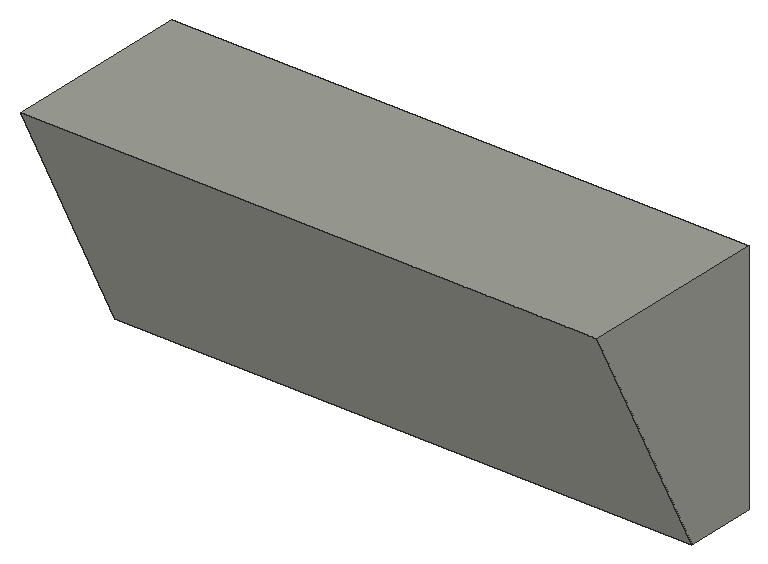
Revit family "NLRS_28_SFR_balk_beton", category Structural Framing, Revit 2020
Family settings
  Display in Hidden Views = Edges Hidden by Other Members
  Section Shape = Rectangle
  Material for Model Behavior = Concrete
  Always export as geometry = No
  Always vertical = Yes
  Cut with Voids When Loaded = No
  Symbolic Representation = From Family
  Shared = No
  Show family pre-cut in plan views = Yes
Parameters (values of type "Vorstrand 400x800")
  vorstrand = yes
  reken = if(vorstrand, ok balk, b)  # 150 mm
  ok balk = 150 mm
  lengte [instance] = Length  # 1524 mm
  fctm = 2.77 MPa  # constant formula
  Width = b  # 40.0 cm
  Structural Material = f2_beton_ihwg-gen
  Section Area = b * h  # 2000.0 cm²
  Perimeter = 2 * b + 2 * h  # 1.80 m²/m
  MrCrackingMoment [instance] = fctm * (1 / 6) * b * h * h  # 46166.7 N·m
  Moment of Inertia weak axis = (1 / 12) * h * b * b * b  # 266666.67 cm4
  Moment of Inertia strong axis = (1 / 12) * b * h * h * h  # 416666.67 cm4
  Model = "Beton"
  Height = h  # 50.0 cm
  Elastic Modulus weak axis = (1 / 6) * h * b * b  # 13333.3 cm³
  Elastic Modulus strong axis = (1 / 6) * b * h * h  # 16666.7 cm³
  Description = ""
  Assembly Code = "2A(16.12)"
  Length [instance] = 1524 mm
  b = 400 mm
  h = 500 mm
Types (15, lengths in mm): name | vorstrand | reken | ok balk | Width | Section Area | Perimeter | MrCrackingMoment | Moment of Inertia weak axis | Moment of Inertia strong axis | Height | Elastic Modulus weak axis | Elastic Modulus strong axis | Description | b | h
  Vorstrand 400x800 | yes | 150 | 150 | 40.0 cm | 2000.0 cm² | 1.80 m²/m | 46166.7 N·m | 266666.67 cm4 | 416666.67 cm4 | 50.0 cm | 13333.3 cm³ | 16666.7 cm³ | "" | 400 | 500
  BB 500x600 | no | 500 | 199.752 | 50.0 cm | 3000.0 cm² | 2.20 m²/m | 83100 N·m | 625000.00 cm4 | 900000.00 cm4 | 60.0 cm | 25000.0 cm³ | 30000.0 cm³ | "" | 500 | 600
  BB 250x600 | no | 250 | 199.752 | 25.0 cm | 1500.0 cm² | 1.70 m²/m | 41550 N·m | 78125.00 cm4 | 450000.00 cm4 | 60.0 cm | 6250.0 cm³ | 15000.0 cm³ | "" | 250 | 600
  BB 400x350 | no | 400 | 199.752 | 40.0 cm | 1400.0 cm² | 1.50 m²/m | 22621.7 N·m | 186666.67 cm4 | 142916.67 cm4 | 35.0 cm | 9333.3 cm³ | 8166.7 cm³ | "" | 400 | 350
  BB 400x500 | no | 400 | 199.752 | 40.0 cm | 2000.0 cm² | 1.80 m²/m | 46166.7 N·m | 266666.67 cm4 | 416666.67 cm4 | 50.0 cm | 13333.3 cm³ | 16666.7 cm³ | "" | 400 | 500
  BB 350x500 | no | 350 | 199.752 | 35.0 cm | 1750.0 cm² | 1.70 m²/m | 40395.8 N·m | 178645.83 cm4 | 364583.33 cm4 | 50.0 cm | 10208.3 cm³ | 14583.3 cm³ | "" | 350 | 500
  BB 450x500 | no | 450 | 199.752 | 45.0 cm | 2250.0 cm² | 1.90 m²/m | 51937.5 N·m | 379687.50 cm4 | 468750.00 cm4 | 50.0 cm | 16875.0 cm³ | 18750.0 cm³ | "" | 450 | 500
  BB 500x500 | no | 500 | 199.752 | 50.0 cm | 2500.0 cm² | 2.00 m²/m | 57708.3 N·m | 520833.33 cm4 | 520833.33 cm4 | 50.0 cm | 20833.3 cm³ | 20833.3 cm³ | "" | 500 | 500
  BB 300x500 | no | 300 | 199.752 | 30.0 cm | 1500.0 cm² | 1.60 m²/m | 34625 N·m | 112500.00 cm4 | 312500.00 cm4 | 50.0 cm | 7500.0 cm³ | 12500.0 cm³ | "" | 300 | 500
  BB 350x400 | no | 350 | 199.752 | 35.0 cm | 1400.0 cm² | 1.50 m²/m | 25853.3 N·m | 142916.67 cm4 | 186666.67 cm4 | 40.0 cm | 8166.7 cm³ | 9333.3 cm³ | "" | 350 | 400
  BB 300x400 | no | 300 | 199.752 | 30.0 cm | 1200.0 cm² | 1.40 m²/m | 22160 N·m | 90000.00 cm4 | 160000.00 cm4 | 40.0 cm | 6000.0 cm³ | 8000.0 cm³ | "" | 300 | 400
  BB 250x400 | no | 250 | 199.752 | 25.0 cm | 1000.0 cm² | 1.30 m²/m | 18466.7 N·m | 52083.33 cm4 | 133333.33 cm4 | 40.0 cm | 4166.7 cm³ | 6666.7 cm³ | "" | 250 | 400
  BB 500x400 | no | 500 | 199.752 | 50.0 cm | 2000.0 cm² | 1.80 m²/m | 36933.3 N·m | 416666.67 cm4 | 266666.67 cm4 | 40.0 cm | 16666.7 cm³ | 13333.3 cm³ | "" | 500 | 400
  BB 400x400 | no | 400 | 199.752 | 40.0 cm | 1600.0 cm² | 1.60 m²/m | 29546.7 N·m | 213333.33 cm4 | 213333.33 cm4 | 40.0 cm | 10666.7 cm³ | 10666.7 cm³ | "" | 400 | 400
  BB 350x450 | no | 350 | 199.752 | 35.0 cm | 1575.0 cm² | 1.60 m²/m | 32720.6 N·m | 160781.25 cm4 | 265781.25 cm4 | 45.0 cm | 9187.5 cm³ | 11812.5 cm³ | "betonbalk 350x450" | 350 | 450
Reference planes
  plane 1 "Center (Front/Back)": y = 0
  plane 2: z = 0
  plane 3 "Center (Left/Right)": x = 4.61
  plane 4 "Member Left": x = -604.99
  plane 5 "Member Right": x = 614.21
  plane 6: y = 200
  plane 7: y = -200
  plane 8: z = 250
  plane 9 "Bottom": z = -250
  plane 10 "Left": x = -757.39
  plane 11 "Right": x = 766.61
Forms (mm)
  Sweep 1, solid, material "f2_beton_ihwg-gen" <- "Structural Material"
    path origin (0, 0, 0) x (1, 0, 0) y (0, 1, 0)
      loop
        line (614.21, 0) -> (-604.99, 0)
    profile "M_Rectangular Beam-Profile : M_Rectangular Beam-Profile" origin (4.61, 0, 0) x (0, -1, 0) y (0, 0, 1)
      loop
        line (-200, -250) -> (-50, -250) -> (200, 250) -> (-200, 250) -> (-200, -250)
Dimensions and locks
  "b": plane 6 to plane 7
  equal spacing: plane 9 "Bottom", plane 2, plane 8
  equal spacing: plane 6, plane 1 "Center (Front/Back)", plane 7
  "h": plane 9 "Bottom" to plane 8
  "Length": plane 10 "Left" to plane 11 "Right"
  aligned and locked: Sweep 1 sketch curve to plane 1 "Center (Front/Back)"
  aligned and locked: plane 4 "Member Left" to Sweep 1 sketch curve
  aligned and locked: plane 5 "Member Right" to Sweep 1 sketch curve
